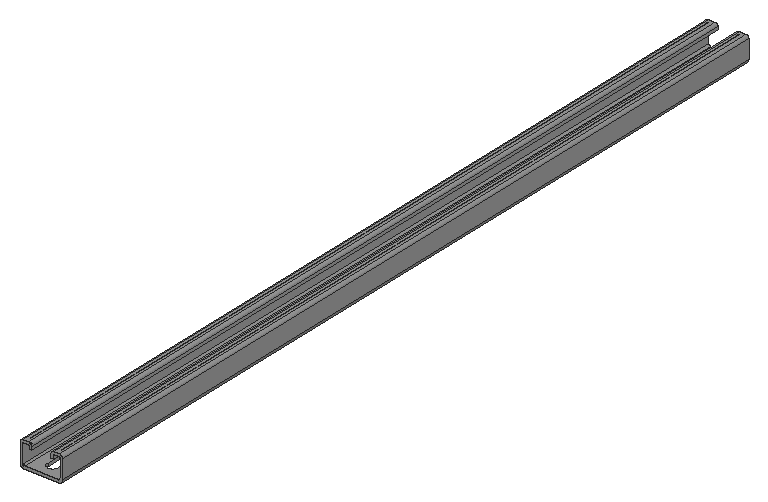
Revit family "Profilschiene- MS5030P1000 FT,FTSO", category Generic Models, Revit 2017
Family settings
  Can host rebar = No
  Round Connector Dimension = Use Diameter
  Part Type = Normal
  Work Plane-Based = No
  Always vertical = Yes
  Cut with Voids When Loaded = No
  Shared = No
  Room Calculation Point = No
Parameters (values of type "MS5030P1000FTSO")
  Width 1 = 50 mm / 2  # 25 mm
  Width = 50 mm
  URL = "http://www.obo-bettermann.com"
  Material = Hot-dip galvanised 85 µm
  Manufacturer Art.No. = "7193926"
  Manufacturer = "OBO Bettermann"
  Length = 1000 mm
  GTIN = "4012196682157"
  Cut's space = 50 mm
  Cut's number = Length / Cut's space  # 20
  Article Type = "MS5030P1000FTSO"
Types (3, lengths in mm): name | Material | Manufacturer Art.No. | GTIN | Article Type
  (no name) | Hot-dip galvanised 85 µm | "7193926" | "4012196682157" | "MS5030P1000FTSO"
  MS5030P1000FT | Hot-dip galvanised | "1121448" | "4012195886211" | "MS5030P1000FT"
  MS5030P1000FTSO | Hot-dip galvanised 85 µm | "7193926" | "4012196682157" | "MS5030P1000FTSO"
Reference planes
  plane 1 "Center (Front/Back)": y = 0
  plane 2: z = 0
  plane 3 "Center (Left/Right)": x = 0
  plane 4: z = 30
  plane 5: z = 23
  plane 6: y = 300
  plane 7: y = 10
  plane 8: y = 40
  plane 9: y = 60
Forms (mm)
  Extrusion 1, solid, material "Hot-dip galvanised 85 µm" <- "Material"
    sketch origin (0, 0, 0) x (1, 0, 0) y (0, 0, 1)
      loop
        line (-20.4, 0) -> (20.4, 0)
        arc (20.4, 0) -> (23.653, 1.347) -> (25, 4.6) r 4.6
        line (25, 4.6) -> (25, 26.5)
        arc (25, 26.5) -> (23.975, 28.975) -> (21.5, 30) r 3.5
        line (21.5, 30) -> (14.5, 30)
        arc (14.5, 30) -> (12.025, 28.975) -> (11, 26.5) r 3.5
        line (11, 26.5) -> (11, 23) -> (14, 23) -> (14, 26)
        arc (14, 26) -> (14.293, 26.707) -> (15, 27) r 1
        line (15, 27) -> (21, 27)
        arc (21, 27) -> (21.707, 26.707) -> (22, 26) r 1
        line (22, 26) -> (22, 5)
        arc (22, 5) -> (21.414, 3.586) -> (20, 3) r 2
        line (20, 3) -> (-20, 3)
        arc (-20, 3) -> (-21.414, 3.586) -> (-22, 5) r 2
        line (-22, 5) -> (-22, 26)
        arc (-22, 26) -> (-21.707, 26.707) -> (-21, 27) r 1
        line (-21, 27) -> (-15, 27)
        arc (-15, 27) -> (-14.293, 26.707) -> (-14, 26) r 1
        line (-14, 26) -> (-14, 23) -> (-11, 23) -> (-11, 26.5)
        arc (-11, 26.5) -> (-12.025, 28.975) -> (-14.5, 30) r 3.5
        line (-14.5, 30) -> (-21.5, 30)
        arc (-21.5, 30) -> (-23.975, 28.975) -> (-25, 26.5) r 3.5
        line (-25, 26.5) -> (-25, 4.6)
        arc (-25, 4.6) -> (-23.653, 1.347) -> (-20.4, 0) r 4.6
    from -1000 to 0
  Extrusion 2, void
    sketch origin (0, 0, 0) x (1, 0, 0) y (0, 1, 0)
      loop
        arc (-6.5, 16.517) -> (0, 10.017) -> (6.5, 16.517) r 6.5
        line (6.5, 16.517) -> (6.5, 33.404)
        arc (6.5, 33.404) -> (0, 39.904) -> (-6.5, 33.404) r 6.5
        line (-6.5, 33.404) -> (-6.5, 16.517)
    from 0 to 3
  Extrusion 3, void
    sketch origin (0, 49.983, 0) x (1, 0, 0) y (0, 1, 0)
      loop
        arc (-6.5, 16.517) -> (0, 10.017) -> (6.5, 16.517) r 6.5
        line (6.5, 16.517) -> (6.5, 33.404)
        arc (6.5, 33.404) -> (0, 39.904) -> (-6.5, 33.404) r 6.5
        line (-6.5, 33.404) -> (-6.5, 16.517)
    from 0 to 3
  Extrusion 4, void
    sketch origin (0, 99.965, 0) x (1, 0, 0) y (0, 1, 0)
      loop
        arc (-6.5, 16.517) -> (0, 10.017) -> (6.5, 16.517) r 6.5
        line (6.5, 16.517) -> (6.5, 33.404)
        arc (6.5, 33.404) -> (0, 39.904) -> (-6.5, 33.404) r 6.5
        line (-6.5, 33.404) -> (-6.5, 16.517)
    from 0 to 3
  Extrusion 5, void
    sketch origin (0, 149.948, 0) x (1, 0, 0) y (0, 1, 0)
      loop
        arc (-6.5, 16.517) -> (0, 10.017) -> (6.5, 16.517) r 6.5
        line (6.5, 16.517) -> (6.5, 33.404)
        arc (6.5, 33.404) -> (0, 39.904) -> (-6.5, 33.404) r 6.5
        line (-6.5, 33.404) -> (-6.5, 16.517)
    from 0 to 3
  Extrusion 6, void
    sketch origin (0, 199.931, 0) x (1, 0, 0) y (0, 1, 0)
      loop
        arc (-6.5, 16.517) -> (0, 10.017) -> (6.5, 16.517) r 6.5
        line (6.5, 16.517) -> (6.5, 33.404)
        arc (6.5, 33.404) -> (0, 39.904) -> (-6.5, 33.404) r 6.5
        line (-6.5, 33.404) -> (-6.5, 16.517)
    from 0 to 3
  Extrusion 7, void
    sketch origin (0, 249.914, 0) x (1, 0, 0) y (0, 1, 0)
      loop
        arc (-6.5, 16.517) -> (0, 10.017) -> (6.5, 16.517) r 6.5
        line (6.5, 16.517) -> (6.5, 33.404)
        arc (6.5, 33.404) -> (0, 39.904) -> (-6.5, 33.404) r 6.5
        line (-6.5, 33.404) -> (-6.5, 16.517)
    from 0 to 3
  Extrusion 8, void
    sketch origin (0, 299.896, 0) x (1, 0, 0) y (0, 1, 0)
      loop
        arc (-6.5, 16.517) -> (0, 10.017) -> (6.5, 16.517) r 6.5
        line (6.5, 16.517) -> (6.5, 33.404)
        arc (6.5, 33.404) -> (0, 39.904) -> (-6.5, 33.404) r 6.5
        line (-6.5, 33.404) -> (-6.5, 16.517)
    from 0 to 3
  Extrusion 9, void
    sketch origin (0, 349.879, 0) x (1, 0, 0) y (0, 1, 0)
      loop
        arc (-6.5, 16.517) -> (0, 10.017) -> (6.5, 16.517) r 6.5
        line (6.5, 16.517) -> (6.5, 33.404)
        arc (6.5, 33.404) -> (0, 39.904) -> (-6.5, 33.404) r 6.5
        line (-6.5, 33.404) -> (-6.5, 16.517)
    from 0 to 3
  Extrusion 10, void
    sketch origin (0, 399.862, 0) x (1, 0, 0) y (0, 1, 0)
      loop
        arc (-6.5, 16.517) -> (0, 10.017) -> (6.5, 16.517) r 6.5
        line (6.5, 16.517) -> (6.5, 33.404)
        arc (6.5, 33.404) -> (0, 39.904) -> (-6.5, 33.404) r 6.5
        line (-6.5, 33.404) -> (-6.5, 16.517)
    from 0 to 3
  Extrusion 11, void
    sketch origin (0, 449.845, 0) x (1, 0, 0) y (0, 1, 0)
      loop
        arc (-6.5, 16.517) -> (0, 10.017) -> (6.5, 16.517) r 6.5
        line (6.5, 16.517) -> (6.5, 33.404)
        arc (6.5, 33.404) -> (0, 39.904) -> (-6.5, 33.404) r 6.5
        line (-6.5, 33.404) -> (-6.5, 16.517)
    from 0 to 3
  Extrusion 12, void
    sketch origin (0, 499.827, 0) x (1, 0, 0) y (0, 1, 0)
      loop
        arc (-6.5, 16.517) -> (0, 10.017) -> (6.5, 16.517) r 6.5
        line (6.5, 16.517) -> (6.5, 33.404)
        arc (6.5, 33.404) -> (0, 39.904) -> (-6.5, 33.404) r 6.5
        line (-6.5, 33.404) -> (-6.5, 16.517)
    from 0 to 3
  Extrusion 13, void
    sketch origin (0, 549.81, 0) x (1, 0, 0) y (0, 1, 0)
      loop
        arc (-6.5, 16.517) -> (0, 10.017) -> (6.5, 16.517) r 6.5
        line (6.5, 16.517) -> (6.5, 33.404)
        arc (6.5, 33.404) -> (0, 39.904) -> (-6.5, 33.404) r 6.5
        line (-6.5, 33.404) -> (-6.5, 16.517)
    from 0 to 3
  Extrusion 14, void
    sketch origin (0, 599.793, 0) x (1, 0, 0) y (0, 1, 0)
      loop
        arc (-6.5, 16.517) -> (0, 10.017) -> (6.5, 16.517) r 6.5
        line (6.5, 16.517) -> (6.5, 33.404)
        arc (6.5, 33.404) -> (0, 39.904) -> (-6.5, 33.404) r 6.5
        line (-6.5, 33.404) -> (-6.5, 16.517)
    from 0 to 3
  Extrusion 15, void
    sketch origin (0, 649.775, 0) x (1, 0, 0) y (0, 1, 0)
      loop
        arc (-6.5, 16.517) -> (0, 10.017) -> (6.5, 16.517) r 6.5
        line (6.5, 16.517) -> (6.5, 33.404)
        arc (6.5, 33.404) -> (0, 39.904) -> (-6.5, 33.404) r 6.5
        line (-6.5, 33.404) -> (-6.5, 16.517)
    from 0 to 3
  Extrusion 16, void
    sketch origin (0, 699.758, 0) x (1, 0, 0) y (0, 1, 0)
      loop
        arc (-6.5, 16.517) -> (0, 10.017) -> (6.5, 16.517) r 6.5
        line (6.5, 16.517) -> (6.5, 33.404)
        arc (6.5, 33.404) -> (0, 39.904) -> (-6.5, 33.404) r 6.5
        line (-6.5, 33.404) -> (-6.5, 16.517)
    from 0 to 3
  Extrusion 17, void
    sketch origin (0, 749.741, 0) x (1, 0, 0) y (0, 1, 0)
      loop
        arc (-6.5, 16.517) -> (0, 10.017) -> (6.5, 16.517) r 6.5
        line (6.5, 16.517) -> (6.5, 33.404)
        arc (6.5, 33.404) -> (0, 39.904) -> (-6.5, 33.404) r 6.5
        line (-6.5, 33.404) -> (-6.5, 16.517)
    from 0 to 3
  Extrusion 18, void
    sketch origin (0, 799.724, 0) x (1, 0, 0) y (0, 1, 0)
      loop
        arc (-6.5, 16.517) -> (0, 10.017) -> (6.5, 16.517) r 6.5
        line (6.5, 16.517) -> (6.5, 33.404)
        arc (6.5, 33.404) -> (0, 39.904) -> (-6.5, 33.404) r 6.5
        line (-6.5, 33.404) -> (-6.5, 16.517)
    from 0 to 3
  Extrusion 19, void
    sketch origin (0, 849.706, 0) x (1, 0, 0) y (0, 1, 0)
      loop
        arc (-6.5, 16.517) -> (0, 10.017) -> (6.5, 16.517) r 6.5
        line (6.5, 16.517) -> (6.5, 33.404)
        arc (6.5, 33.404) -> (0, 39.904) -> (-6.5, 33.404) r 6.5
        line (-6.5, 33.404) -> (-6.5, 16.517)
    from 0 to 3
  Extrusion 20, void
    sketch origin (0, 899.689, 0) x (1, 0, 0) y (0, 1, 0)
      loop
        arc (-6.5, 16.517) -> (0, 10.017) -> (6.5, 16.517) r 6.5
        line (6.5, 16.517) -> (6.5, 33.404)
        arc (6.5, 33.404) -> (0, 39.904) -> (-6.5, 33.404) r 6.5
        line (-6.5, 33.404) -> (-6.5, 16.517)
    from 0 to 3
  Extrusion 21, void
    sketch origin (0, 949.672, 0) x (1, 0, 0) y (0, 1, 0)
      loop
        arc (-6.5, 16.517) -> (0, 10.017) -> (6.5, 16.517) r 6.5
        line (6.5, 16.517) -> (6.5, 33.404)
        arc (6.5, 33.404) -> (0, 39.904) -> (-6.5, 33.404) r 6.5
        line (-6.5, 33.404) -> (-6.5, 16.517)
    from 0 to 3
Cuts and joins
  Extrusion 2, Extrusion 3, Extrusion 4, Extrusion 5, Extrusion 6, Extrusion 7, Extrusion 8, Extrusion 9, Extrusion 10, Extrusion 11, Extrusion 12, Extrusion 13, Extrusion 14, Extrusion 15, Extrusion 16, Extrusion 17, Extrusion 18, Extrusion 19, Extrusion 20, Extrusion 21 cuts Extrusion 1
Dimensions and locks
  locked: plane 4 to Extrusion 1 sketch curve at 30
  locked: Extrusion 1 sketch curve to plane 3 "Center (Left/Right)" at 25  (x2)
  "Width": Extrusion 1 sketch curve to Extrusion 1 sketch curve
  locked: plane 4 to plane 5 at 7
  locked: Extrusion 1 sketch curve to Extrusion 1 sketch curve at 22
  locked: Extrusion 1 to Extrusion 1 at 3  (x5)
  "Length": Extrusion 1 to Extrusion 1
  locked: plane 1 "Center (Front/Back)" to plane 7 at 10
  locked: Extrusion 2 sketch curve to Extrusion 2 sketch curve at 13
  locked: plane 8 to plane 7 at 30
  locked: plane 9 to plane 8 at 20
  locked: Extrusion 3 sketch curve to Extrusion 3 sketch curve at 13
  equal spacing: group 1, group 2, group 3, group 4, group 5, group 6, group 7, group 8, group 9, group 10, group 11, group 12, group 13, group 14, group 15, group 16, group 17, group 18, group 19, group 20  (x3)
  locked: cut or joined group of Extrusion 1, Extrusion 2, Extrusion 3, Extrusion 4, Extrusion 5, Extrusion 6, Extrusion 7, Extrusion 8, Extrusion 9, Extrusion 10, Extrusion 11, Extrusion 12, Extrusion 13, Extrusion 14, Extrusion 15, Extrusion 16, Extrusion 17, Extrusion 18, Extrusion 19, Extrusion 20, Extrusion 21 to plane 8 at 20
  locked: Extrusion 4 sketch curve to Extrusion 4 sketch curve at 13
  locked: Extrusion 5 sketch curve to Extrusion 5 sketch curve at 13
  locked: Extrusion 6 sketch curve to Extrusion 6 sketch curve at 13
  locked: Extrusion 7 sketch curve to Extrusion 7 sketch curve at 13
  locked: Extrusion 8 sketch curve to Extrusion 8 sketch curve at 13
  locked: Extrusion 9 sketch curve to Extrusion 9 sketch curve at 13
  locked: Extrusion 10 sketch curve to Extrusion 10 sketch curve at 13
  locked: Extrusion 11 sketch curve to Extrusion 11 sketch curve at 13
  locked: Extrusion 12 sketch curve to Extrusion 12 sketch curve at 13
  locked: Extrusion 13 sketch curve to Extrusion 13 sketch curve at 13
  locked: Extrusion 14 sketch curve to Extrusion 14 sketch curve at 13
  locked: Extrusion 15 sketch curve to Extrusion 15 sketch curve at 13
  locked: Extrusion 16 sketch curve to Extrusion 16 sketch curve at 13
  locked: Extrusion 17 sketch curve to Extrusion 17 sketch curve at 13
  locked: Extrusion 18 sketch curve to Extrusion 18 sketch curve at 13
  locked: Extrusion 19 sketch curve to Extrusion 19 sketch curve at 13
  locked: Extrusion 20 sketch curve to Extrusion 20 sketch curve at 13
  locked: Extrusion 21 sketch curve to Extrusion 21 sketch curve at 13
  aligned and locked: level to plane 2
  aligned and locked: plane 1 "Center (Front/Back)" to Extrusion 1
  aligned and locked: Extrusion 1 to Extrusion 2
  aligned and locked: Extrusion 2 to level
Automatic sketch dimensions
  Extrusion 1 sketch curve to Extrusion 1 sketch curve = 0.4 mm  (x2)
  Extrusion 1 sketch curve to plane 5 = 0 mm  (x2)
  Extrusion 1 sketch curve to plane 4 = 0 mm  (x2)
  level to Extrusion 1 sketch curve = 4.6 mm
  Extrusion 1 sketch curve to Extrusion 1 sketch curve = 0.5 mm  (x4)
  Extrusion 1 sketch curve to Extrusion 1 sketch curve = 6 mm
  Extrusion 1 sketch curve to Extrusion 1 sketch curve = 1 mm  (x3)
  plane 3 "Center (Left/Right)" to Extrusion 1 sketch curve = 11 mm
  Extrusion 1 sketch curve to Extrusion 1 sketch curve = 3.5 mm  (x2)
  Extrusion 1 sketch curve to Extrusion 1 sketch curve = 3 mm  (x3)
  Extrusion 1 sketch curve to Extrusion 1 sketch curve = 1.6 mm  (x2)
  plane 5 to Extrusion 1 sketch curve = 3 mm
  Extrusion 1 sketch curve to Extrusion 1 sketch curve = 5 mm
  Extrusion 2 sketch curve to Extrusion 2 sketch curve = 16.887 mm
  Extrusion 3 sketch curve to Extrusion 3 sketch curve = 16.887 mm
  Extrusion 4 sketch curve to Extrusion 4 sketch curve = 16.887 mm
  Extrusion 5 sketch curve to Extrusion 5 sketch curve = 16.887 mm
  Extrusion 6 sketch curve to Extrusion 6 sketch curve = 16.887 mm
  Extrusion 7 sketch curve to Extrusion 7 sketch curve = 16.887 mm
  Extrusion 8 sketch curve to Extrusion 8 sketch curve = 16.887 mm
  Extrusion 9 sketch curve to Extrusion 9 sketch curve = 16.887 mm
  Extrusion 10 sketch curve to Extrusion 10 sketch curve = 16.887 mm
  Extrusion 11 sketch curve to Extrusion 11 sketch curve = 16.887 mm
  Extrusion 12 sketch curve to Extrusion 12 sketch curve = 16.887 mm
  Extrusion 13 sketch curve to Extrusion 13 sketch curve = 16.887 mm
  Extrusion 14 sketch curve to Extrusion 14 sketch curve = 16.887 mm
  Extrusion 15 sketch curve to Extrusion 15 sketch curve = 16.887 mm
  Extrusion 16 sketch curve to Extrusion 16 sketch curve = 16.887 mm
  Extrusion 17 sketch curve to Extrusion 17 sketch curve = 16.887 mm
  Extrusion 18 sketch curve to Extrusion 18 sketch curve = 16.887 mm
  Extrusion 19 sketch curve to Extrusion 19 sketch curve = 16.887 mm
  Extrusion 20 sketch curve to Extrusion 20 sketch curve = 16.887 mm
  Extrusion 21 sketch curve to Extrusion 21 sketch curve = 16.887 mm
